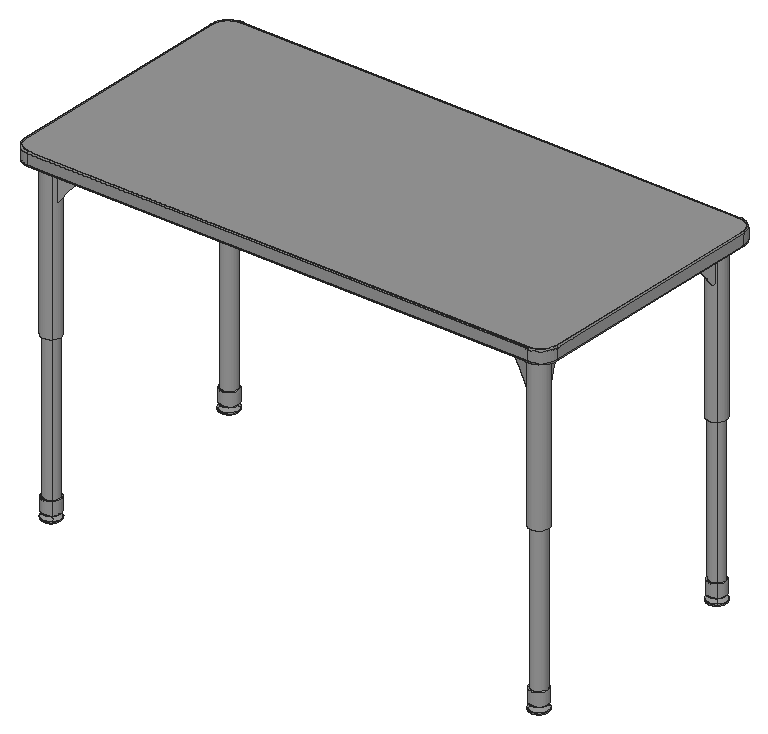
Revit family "Hierarchy Activity 48x24 Rectangle Table", category Furniture, Revit 2018
Family settings
  Work Plane-Based = No
  Always vertical = Yes
  Cut with Voids When Loaded = No
  Shared = No
  Room Calculation Point = No
Parameters
  Table Height = 2' - 5"
  Surface = Hierarchy Activity 48x24 Rectangle Table Surface
  Leg Finish = Hierarchy Leg Platinum
  Edgeband = Hierarchy Activity 48x24 Rectangle Table Edgeband
  Caster/Glide = Hierarchy Leg - Glide : Hierarchy Leg - Glide
Reference planes (in)
  plane 1 "Center (Front/Back)": y = 0
  plane 2: z = 0
  plane 3 "Center (Left/Right)": x = 0
  plane 4 "Table Height": z = 29
Dimensions and locks (in)
  "Table Height": plane 4 "Table Height" to level
  aligned and locked: plane 2 to level
  aligned and locked: nested 1 to plane 4 "Table Height"
Nested families (in)
  nested 1: "Activity 48x24 Tabletop" at (0, 0, 5.075), type "Activity 48x24 Tabletop"
  nested 2: "Hierarchy Leg - Glide" at (-21.94926, 9.95495, 0) x (0.7071, 0.7071, 0) z (0, 0, 1), type <- "Caster/Glide", Leg Finish <- "Leg Finish", Leg Height <- "Table Height", type "Hierarchy Leg - Glide"
  nested 3: "Hierarchy Leg - Glide" at (-21.97249, -10.0597, 0) x (-0.7071, 0.7071, 0) z (0, 0, 1), type <- "Caster/Glide", Leg Finish <- "Leg Finish", Leg Height <- "Table Height", type "Hierarchy Leg - Glide"
  nested 4: "Hierarchy Leg - Glide" at (21.9797, -10.0597, 0) x (-0.7071, -0.7071, 0) z (0, 0, 1), Leg Finish <- "Leg Finish", Leg Height <- "Table Height", type "Hierarchy Leg - Glide"
    with Leg Height 2' - 5", Leg Finish Hierarchy Leg Platinum
  nested 5: "Hierarchy Leg - Glide" at (22.00293, 9.95495, 0) x (0.7071, -0.7071, 0) z (0, 0, 1), Leg Finish <- "Leg Finish", Leg Height <- "Table Height", type "Hierarchy Leg - Glide"
    with Leg Height 2' - 5", Leg Finish Hierarchy Leg Platinum
Definition of nested family "Activity 48x24 Tabletop"
  Parameters (values of type "Activity 48x24 Tabletop")
    Surface = none
    Edgeband = none
  Reference planes (in)
    plane 1 "Center (Front/Back)": y = 0
    plane 2: z = 0
    plane 3 "Center (Left/Right)": x = 0
  Forms (in)
    Extrusion 1, solid, material <- "Surface"
      sketch origin (0, 0, 0) x (1, 0, 0) y (0, 1, 0)
        loop
          line (22.5, 11.88189) -> (-22.5, 11.88189)
          arc (-22.5, 11.88189) -> (-23.47714, 11.47714) -> (-23.88189, 10.5) r 1.38189
          line (-23.88189, 10.5) -> (-23.88189, -10.5)
          arc (-23.88189, -10.5) -> (-23.47714, -11.47714) -> (-22.5, -11.88189) r 1.38189
          line (-22.5, -11.88189) -> (22.5, -11.88189)
          arc (22.5, -11.88189) -> (23.47714, -11.47714) -> (23.88189, -10.5) r 1.38189
          line (23.88189, -10.5) -> (23.88189, 10.5)
          arc (23.88189, 10.5) -> (23.47714, 11.47714) -> (22.5, 11.88189) r 1.38189
      from 23.925 to 25.125
    Sweep 2, solid, material <- "Edgeband"
      path origin (0, 0, 0) x (1, 0, 0) y (0, 1, 0)
        loop
          line (22.5, 11.88189) -> (-22.5, 11.88189)
          arc (-22.5, 11.88189) -> (-23.47714, 11.47714) -> (-23.88189, 10.5) r 1.38189
          line (-23.88189, 10.5) -> (-23.88189, -10.5)
          arc (-23.88189, -10.5) -> (-23.47714, -11.47714) -> (-22.5, -11.88189) r 1.38189
          line (-22.5, -11.88189) -> (22.5, -11.88189)
          arc (22.5, -11.88189) -> (23.47714, -11.47714) -> (23.88189, -10.5) r 1.38189
          line (23.88189, -10.5) -> (23.88189, 10.5)
          arc (23.88189, 10.5) -> (23.47714, 11.47714) -> (22.5, 11.88189) r 1.38189
      profile origin (0, 11.88189, 0) x (0, -1, 0) y (0, 0, 1)
        loop
          arc (-0.11811, 24.04311) -> (-0.08352, 23.95959) -> (0, 23.925) r 0.11811
          line (0, 23.925) -> (0, 25.125)
          arc (0, 25.125) -> (-0.08352, 25.09041) -> (-0.11811, 25.00689) r 0.11811
          line (-0.11811, 25.00689) -> (-0.11811, 24.04311)
  Dimensions and locks (in)
    aligned and locked: plane 2 to level
Definition of nested family "Hierarchy Leg - Glide"
  Parameters (values of type "Hierarchy Leg - Glide")
    Leg Finish [instance] = none
    Leg Height [instance] = 2' - 5"
  Reference planes (in)
    plane 1 "Center (Front/Back)": y = 0
    plane 2: z = 0
    plane 3 "Center (Left/Right)": x = 0
  Forms (in)
    Extrusion 1, solid
      sketch origin (-0.01562, 0, 0) x (1, 0, 0) y (0, 1, 0)
        loop
          circle (0.01563, 0) r 0.67016
      from 0.67618 to 16.17618
    Revolve 2, solid
      sketch origin (0, 0, 0) x (1, 0, 0) y (0, 0, 1)
        loop
          line (-0.73189, 1.80118) -> (-0.79439, 1.73867) -> (-0.79439, 0.61381) -> (-0.73176, 0.55118) -> (-0.125, 0.55118) -> (-0.125, 0.42618) -> (-0.84656, 0.16241) -> (-0.84656, 0.08994) -> (-0.81359, 0) -> (0, 0) -> (0, 1.80118) -> (-0.73189, 1.80118)
        axis (0, 1.80118) -> (0, 0)
      angle from 0 to 360
  Dimensions and locks (in)
    "Leg Height": nested 1 to level
    aligned and locked: plane 2 to level
  Automatic sketch dimensions
    plane 1 "Center (Front/Back)" to Extrusion 1 sketch curve = 0' - 0"
    Extrusion 1 sketch curve to plane 3 "Center (Left/Right)" = 0' - 0"
    Revolve 2 sketch curve to level = 0' - 0"
    Revolve 2 sketch curve to plane 3 "Center (Left/Right)" = 0' - 0"  (x2)
    Revolve 2 sketch curve to plane 3 "Center (Left/Right)" = 0' - 0 1/8"
    Revolve 2 sketch curve to Revolve 2 sketch curve = 0' - 0.60676"
    Revolve 2 sketch curve to Revolve 2 sketch curve = 0' - 0.73189"
    Revolve 2 sketch curve to Revolve 2 sketch curve = 0' - 0.06263"  (x2)
    Revolve 2 sketch curve to Revolve 2 sketch curve = 0' - 0.08183"
    Revolve 2 sketch curve to Revolve 2 sketch curve = 0' - 0.03297"
    level to Revolve 2 sketch curve = 0' - 0.08994"
    Revolve 2 sketch curve to Revolve 2 sketch curve = 0' - 0.07247"
    level to Revolve 2 sketch curve = 0' - 0.42618"
    Revolve 2 sketch curve to Revolve 2 sketch curve = 0' - 0 1/8"
    Revolve 2 sketch curve to Revolve 2 sketch curve = 0' - 1.12486"
    Revolve 2 sketch curve to Revolve 2 sketch curve = 0' - 0 1/16"
    Revolve 2 sketch curve to level = 2' - 0"
    Revolve 2 sketch curve to Revolve 2 sketch curve = 8' - 4.91764"
    radius of Extrusion 1 sketch curve = 0' - 0.67016"
  Nested families (in)
    nested 1: "Hierarchy Upper Leg 2023" at (0, 0, 1.19783), Shapes Leg Finish <- "Leg Finish", type "Hierarchy Upper Leg 2023"
      with Shapes Leg Finish none
  Definition of nested family "Hierarchy Upper Leg 2023"
    Parameters (values of type "Hierarchy Upper Leg 2023")
      Shapes Leg Finish [instance] = none
    Reference planes (in)
      plane 1 "Center (Front/Back)": y = 0
      plane 2: z = 0
      plane 3 "Center (Left/Right)": x = 0
    Forms (in)
      Extrusion 1, solid, material <- "Shapes Leg Finish"
        sketch origin (0, 0, 0) x (1, 0, 0) y (0, 1, 0)
          loop
            circle (0, 0) r 0.84802
        from 13.67618 to 27.67618
      Extrusion 2, solid, material <- "Shapes Leg Finish"
        sketch origin (0, 0, 0) x (1, 0, 0) y (0, 1, 0)
          loop
            line (-1.70174, 0.19183) -> (-2.88626, -2.26116)
            arc (-2.88626, -2.26116) -> (-2.83993, -3.09822) -> (-2.1063, -3.50394) r 0.86614
            line (-2.1063, -3.50394) -> (2.1063, -3.50394)
            arc (2.1063, -3.50394) -> (2.83993, -3.09822) -> (2.88626, -2.26116) r 0.86614
            line (2.88626, -2.26116) -> (1.70174, 0.19183)
            arc (1.70174, 0.19183) -> (0, 1.25984) -> (-1.70174, 0.19183) r 1.88976
        from 27.67618 to 27.80217
      Extrusion 3, solid, material <- "Shapes Leg Finish"
        sketch origin (-1.48519, 8.66524, 0) x (-0.434844, 0.900506, 0) y (0, 0, 1)
          loop
            line (-9.01425, 27.67618) -> (-11.80952, 27.67618)
            arc (-11.80952, 27.67618) -> (-11.92325, 27.58993) -> (-11.87088, 27.45715) r 0.11811
            arc (-11.87088, 27.45715) -> (-10.39364, 26.29679) -> (-9.23328, 24.81955) r 7.87402
            arc (-9.23328, 24.81955) -> (-9.1005, 24.76717) -> (-9.01425, 24.88091) r 0.11811
            line (-9.01425, 24.88091) -> (-9.01425, 27.67618)
        from -1.94075 to -1.81476
      Extrusion 4, solid, material <- "Shapes Leg Finish"
        sketch origin (1.48519, 8.66524, 0) x (0.434844, 0.900506, 0) y (0, 0, -1)
          loop
            line (-9.01425, -27.67618) -> (-9.01425, -24.88091)
            arc (-9.01425, -24.88091) -> (-9.1005, -24.76717) -> (-9.23328, -24.81955) r 0.11811
            arc (-9.23328, -24.81955) -> (-10.39364, -26.29679) -> (-11.87088, -27.45715) r 7.87402
            arc (-11.87088, -27.45715) -> (-11.92325, -27.58993) -> (-11.80952, -27.67618) r 0.11811
            line (-11.80952, -27.67618) -> (-9.01425, -27.67618)
        from -1.94075 to -1.81476
    Dimensions and locks (in)
      aligned and locked: plane 2 to level
